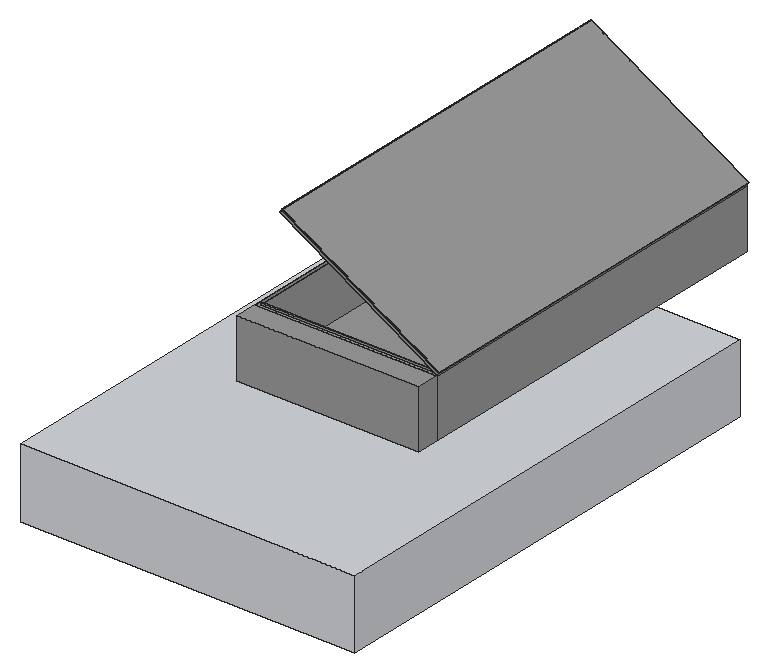
Revit family "Hager-Univers-IP55-D275-H1800-Cl.II-Steel_encl-ES-es", category Equipement électrique, Revit 2020
Family settings
  Hôte = Face
  Configuration du panneau = Deux colonnes, circuits au sein
  Cote de connecteur circulaire = Utiliser le diamètre
  Type d'élément = Tableau de raccordement
  Couper avec des vides une fois chargée = Non
  Partagée = Non
  Point de calcul de pièce = Non
Parameters (values of type "Instalación de suelo IP55 A800 A1800 P275  - FR13S1")
  Width Control [instance] = if([EF000008 - Anchura] > Min Width, [EF000008 - Anchura], Min Width)  # 800 mm
  Commentaires du type = [HG000003 - Gama]  # "Univers"
  Thickness Door [instance] = if([EF009171 - Espesor puerta/tapa] > 3 mm, 3 mm, [EF009171 - Espesor puerta/tapa])  # 1.5 mm
  Seal Frame Offset [instance] = 17 mm  # constant formula
  Plinth Visibility [instance] = [HG000027 - Altura de zócalo] > 0 mm  # yes
  Model = ""
  Min Width [instance] = 100 mm  # constant formula
  Min Height [instance] = 100 mm  # constant formula
  Min Depth [instance] = (2 * [EF009170 - Espesor del material de la caja]) + 1 mm  # 4 mm
  Internal Frame Depth [instance] = (Door System Depth * 0.5)  # 9 mm
  Height Control [instance] = if([EF000040 - Altura] > Min Height, [EF000040 - Altura], Min Height)  # 1800 mm
  HG000027 - Altura de zócalo = 100 mm
  HG000026 - Instalación en suelo = yes
  HG000024 - Altura de la sección inferior = 800 mm
  HG000023 - Caja de doble sección = no
  HG000016 - Visibilidad de la puerta 3D [instance] = yes
  HG000015 - Visibilidad a través de la puerta [instance] = no
  HG000014 - Puerta a la derecha [instance] = yes
  HG000013 - Puerta a la izquierda [instance] = not([HG000014 - Puerta a la derecha])  # no
  HG000012 - Ángulo de giro de la puerta [instance] = 30.00°
  HG000010 - Puertas asimétricas = no
  HG000009 - Puerta batiente doble = no
  HG000006 - Empotrado = no
  HG000004 - Referencia del fabricante = "FR13S1"
  HG000003 - Gama = "Univers"
  HG000002 - Con puerta o tapa = yes
  Frame Offset Bottom [instance] = 10 mm  # constant formula
  Frame Offset [instance] = 15 mm  # constant formula
  EF015940 - Tapa con alivio de sobrepresión = no
  EF011959 - Grado de protección (NEMA) = ""
  EF009554 - Número de aberturas para placas-brida = 6
  Fabricant = "Hager"  # constant formula
  EF009212 - Versión de la cubierta = "EV000116 - Cerrado"
  EF009171 - Espesor puerta/tapa = 1.5 mm
  EF009170 - Espesor del material de la caja = 1.5 mm
  EF008873 - Corriente nominal (In) = 800 A
  EF007800 - Adecuado para la protección contra rayos = no
  EF006306 - Con cierre = no
  EF006244 - Tapa/puerta transparente = no
  EF005474 - Grado de protección (IP) = "EV006420 - IP55"
  EF004464 - Tipo de puerta = "EV002646 - Único"
  EF004427 - Número de módulos = 396
  EF004293 - Resistencia al impacto (IK) = "EV008784 - IK10"
  EF003532 - Adecuado para uso en exteriores = no
  EF002950 - Anchura de unidades de división = 24
  EF001613 - Integridad del circuito = "EV000494 - Ninguno"
  EF001596 - Material de la carcasa = "EV000179 - Acero"
  EF001131 - Profundidad interna = 275 mm
  EF001088 - Posibilidad de extensión = yes
  EF000437 - Número de entradas de conductos de cables = 6
  EF000339 - Tipo de cubierta = "EV004216 - Puerta"
  EF000266 - Número de filas = 11
  EF000218 - Profundidad de instalación = 0 mm
  EF000118 - Con placa de montaje = no
  EF000116 - Número RAL = "7035"
  EF000049 - Profundidad = 275 mm
  EF000040 - Altura = 1800 mm
  EF000008 - Anchura = 800 mm
  EF000007 - Color = "EV000270 - Gris"
  EF000003 - Tipo de montaje = "EV012274 - Instalación de suelo"
  Door System Leaf Tolerance [instance] = 1.5 mm  # constant formula
  Door System Depth [instance] = 18 mm  # constant formula
  Door Height [instance] = Height Control - [HG000027 - Altura de zócalo]  # 1700 mm
  Depth Control [instance] = if([EF000049 - Profundidad] > Min Depth, [EF000049 - Profundidad], Min Depth)  # 275 mm
  Default Elevation = 0 mm
  Connector Offset [instance] = Height Control / 2  # 900 mm
  Bottom Top Plate Trim [instance] = 1.5 mm  # constant formula
  Plinth height Ctrl [instance] = if([HG000027 - Altura de zócalo] > 0 mm, [HG000027 - Altura de zócalo], 12 mm)  # 100 mm
Types (5, lengths in mm): name | Width Control | HG000010 - Puertas asimétricas | HG000009 - Puerta batiente doble | HG000004 - Referencia del fabricante | EF009554 - Número de aberturas para placas-brida | EF004464 - Tipo de puerta | EF004427 - Número de módulos | EF000437 - Número de entradas de conductos de cables | EF000008 - Anchura
  Instalación de suelo IP55 A1050 A1800 P275  - FR14S1 | 1050 | yes | yes | "FR14S1" | 8 | "EV003602 - Doble" | 528 | 8 | 1050
  Instalación de suelo IP55 A1300 A1800 P275  - FR15S1 | 1300 | yes | yes | "FR15S1" | 10 | "EV003602 - Doble" | 660 | 10 | 1300
  Instalación de suelo IP55 A300 A1800 P275  - FR11S1 | 300 | no | no | "FR11S1" | 2 | "EV002646 - Único" | 132 | 2 | 300
  Instalación de suelo IP55 A550 A1800 P275  - FR12S1 | 550 | no | no | "FR12S1" | 4 | "EV002646 - Único" | 264 | 4 | 550
  Instalación de suelo IP55 A800 A1800 P275  - FR13S1 | 800 | no | no | "FR13S1" | 6 | "EV002646 - Único" | 396 | 6 | 800
Reference planes
  plane 1 "Center (Front/Back)": y = 0
  plane 2: z = 0
  plane 3 "Center (Left/Right)": x = 0
  plane 4: z = 275
  plane 5: y = 101.5
  plane 6: y = 950
  plane 7: y = 100
  plane 8: y = 1800
  plane 9: z = 0
  plane 10: x = -385
  plane 11: x = 385
  plane 12: x = 383.5
  plane 13: x = -383.5
  plane 14: y = 1798.5
  plane 15: x = -383
  plane 16: x = -400
  plane 17: x = 383
  plane 18: x = 400
  plane 19: x = 398.5
  plane 20: x = -398.5
  plane 21: y = 111.5
  plane 22: y = 1800
  plane 23: y = 1783.5
  plane 24: z = 257
  plane 25: z = 1.5
  plane 26: z = 255.5
  plane 27: z = 273.5
Forms (mm)
  Extrusion 1, solid
    sketch origin (0, 0, 0) x (1, 0, 0) y (0, 1, 0)
      loop
        line (-702.964, 1305) -> (-702.964, -811.445) -> (766.763, -811.445) -> (766.763, 1305) -> (-702.964, 1305)
    from 0 to -304.8
  Extrusion 2, solid, material "Hager_Steel_RAL7035_Light_Grey", visible <- "Plinth Visibility", detail levels medium+fine
    sketch origin (0, 0, 0) x (1, 0, 0) y (0, 1, 0)
      loop
        line (-400, 0) -> (400, 0) -> (400, 100) -> (-400, 100) -> (-400, 0)
    from 0 to 257
  Extrusion 3, solid, material "Hager_Steel_RAL7035_Light_Grey", detail levels medium+fine
    sketch origin (0, 0, 0) x (1, 0, 0) y (0, 1, 0)
      loop
        line (-400, 100) -> (400, 100) -> (400, 1800) -> (-400, 1800) -> (-400, 100)
    from 0 to 257
  Extrusion 4, void
    sketch origin (0, 0, 0) x (1, 0, 0) y (0, 1, 0)
      loop
        line (-398.5, 101.5) -> (398.5, 101.5) -> (398.5, 1798.5) -> (-398.5, 1798.5) -> (-398.5, 101.5)
    from 1.5 to 255.5
  Extrusion 5, void
    sketch origin (-381.607, -4572, 257) x (0, -1, 0) y (-1, 0, 0)
      loop
        line (-4683.5, 1.893) -> (-6355.5, 1.893) -> (-6355.5, -765.107) -> (-4683.5, -765.107) -> (-4683.5, 1.893)
    from 0 to 1.5 <- "EF009170 - Espesor del material de la caja"
  Extrusion 6, solid, material "Hager_Steel_RAL7035_Light_Grey", detail levels fine
    sketch origin (0, 0, 257) x (1, 0, 0) y (0, 1, 0)
      loop
        line (-383.5, 1783.5) -> (-383.5, 111.5) -> (383.5, 111.5) -> (383.5, 1783.5) -> (-383.5, 1783.5)
      loop
        line (-385, 110) -> (385, 110) -> (385, 1785) -> (-385, 1785) -> (-385, 110)
    from 0 to 9 <- "Internal Frame Depth"
  Extrusion 7, solid, material "Hager_Steel_RAL7035_Light_Grey", detail levels coarse
    sketch origin (0, 0, 0) x (1, 0, 0) y (0, 1, 0)
      loop
        line (-400, 0) -> (400, 0) -> (400, 1800) -> (-400, 1800) -> (-400, 0)
    from 0 to 275
  Sweep 8, void
    path in 3D
      loop
        line (-400, 100, 0) -> (400, 100, 0) -> (400, 100, 257) -> (-400, 100, 257) -> (-400, 100, 0)
    profile origin (-400, 100, 128.5) x (-1, 0, 0) y (0, -1, 0)
      loop
        line (0, 0) -> (0, 1.5) -> (-1.5, 1.5)
        arc (-1.5, 1.5) -> (-1.061, 0.439) -> (0, 0) r 1.5
Cuts and joins
  Extrusion 4, Extrusion 5 cuts Extrusion 3
  Sweep 8 cuts Extrusion 2
Lines and regions (mm)
  Masking region 1
    outline origin (0, 0, 0) x (1, 0, 0) y (0, 0, 1)
      loop
        line (-400, 275) -> (-400, 0) -> (400, 0) -> (400, 275) -> (-400, 275)
  Masking region 2, detail levels medium+fine
    outline origin (0, 140, 0) x (0, 1, 0) y (0, 0, 1)
      loop
        line (-40, 0) -> (1660, 0) -> (1660, 257) -> (-40, 257) -> (-40, 0)
  Masking region 3, not visible, detail levels medium+fine
    outline origin (0, 297.922, 0) x (0, 1, 0) y (0, 0, 1)
      loop
        line (663.578, 0) -> (703.578, 0) -> (703.578, 263.5)
        arc (703.578, 263.5) -> (700.649, 270.571) -> (693.578, 273.5) r 10
        line (693.578, 273.5) -> (663.578, 273.5) -> (663.578, 0)
  Masking region 4, detail levels coarse
    outline origin (0, 0, 180) x (0, 1, 0) y (0, 0, 1)
      loop
        line (0, -180) -> (1800, -180) -> (1800, 95) -> (0, 95) -> (0, -180)
  Masking region 5, visible <- "Plinth Visibility", detail levels medium+fine
    outline origin (0, 52.24, 12.345) x (0, 0, -1) y (0, 1, 0)
      loop
        line (10.845, 47.76) -> (-243.155, 47.76)
        arc (-243.155, 47.76) -> (-243.594, 46.699) -> (-244.655, 46.26) r 1.5
        line (-244.655, 46.26) -> (-244.655, -52.24) -> (12.345, -52.24) -> (12.345, 46.26)
        arc (12.345, 46.26) -> (11.285, 46.699) -> (10.845, 47.76) r 1.5
  Masking region 6, detail levels medium+fine
    outline origin (-381.607, -4572, 257) x (-1, 0, 0) y (0, -1, 0)
      loop
        line (18.393, -6372) -> (18.393, -4672) -> (-781.607, -4672) -> (-781.607, -6372) -> (18.393, -6372)
  Masking region 7, visible <- "Plinth Visibility", detail levels medium+fine
    outline origin (-381.607, -4727, 257) x (-1, 0, 0) y (0, -1, 0)
      loop
        arc (16.893, -4827) -> (17.332, -4825.939) -> (18.393, -4825.5) r 1.5
        line (18.393, -4825.5) -> (18.393, -4727) -> (-781.607, -4727) -> (-781.607, -4825.5)
        arc (-781.607, -4825.5) -> (-780.546, -4825.939) -> (-780.107, -4827) r 1.5
        line (-780.107, -4827) -> (16.893, -4827)
  Masking region 8, detail levels coarse
    outline origin (-442.548, -4669.526, 257) x (-1, 0, 0) y (0, -1, 0)
      loop
        line (-42.548, -6469.526) -> (-42.548, -4669.526) -> (-842.548, -4669.526) -> (-842.548, -6469.526) -> (-42.548, -6469.526)
  sketch lines
    curve 1: line (-400, 100, 257) -> (-400, 100, 0)
    curve 2: line (400, 100, 257) -> (-400, 100, 257)
    curve 3: line (400, 100, 257) -> (400, 100, 0)
    curve 4: line (-400, 100, 0) -> (400, 100, 0)
Dimensions and locks
  "Depth Control": plane 4 to Extrusion 1
  "HG000027 - Altura de zócalo": plane 1 "Center (Front/Back)" to plane 7
  "EF009170 - Espesor del material de la caja": plane 5 to plane 7
  locked: connector elem to plane 3 "Center (Left/Right)"
  equal spacing: plane 8, plane 6, plane 7
  locked: connector elem to plane 6
  "EF009170 - Espesor del material de la caja": plane 8 to plane 14
  "EF009170 - Espesor del material de la caja": plane 10 to plane 13
  "EF009170 - Espesor del material de la caja": plane 12 to plane 11
  "Frame Offset": plane 20 to plane 13
  "Frame Offset": plane 12 to plane 19
  "EF009170 - Espesor del material de la caja": plane 16 to plane 20
  "EF009170 - Espesor del material de la caja": plane 19 to plane 18
  "Seal Frame Offset": plane 16 to plane 15
  "Seal Frame Offset": plane 17 to plane 18
  "Frame Offset Bottom": plane 21 to plane 5
  "Frame Offset": plane 14 to plane 23
  equal spacing: plane 16, plane 3 "Center (Left/Right)", plane 18
  "Width Control": plane 16 to plane 18
  "EF009170 - Espesor del material de la caja": plane 4 to plane 27
  "EF009170 - Espesor del material de la caja": plane 24 to plane 26
  "EF009170 - Espesor del material de la caja": plane 25 to level
  "Door System Depth": plane 4 to plane 24
  "Height Control": plane 1 "Center (Front/Back)" to Extrusion 7 sketch curve
  "Height Control": Masking region 4 sketch curve to plane 1 "Center (Front/Back)"
  "Height Control": plane 1 "Center (Front/Back)" to plane 22
  "Bottom Top Plate Trim": profile plane to Sweep 8 sketch curve
  "Bottom Top Plate Trim": Sweep 8 sketch curve to profile plane
  "Plinth height Ctrl": plane 1 "Center (Front/Back)" to Extrusion 2 sketch curve
  "Plinth height Ctrl": Masking region 5 sketch curve to plane 1 "Center (Front/Back)"
  "Plinth height Ctrl": plane 1 "Center (Front/Back)" to Masking region 7 sketch curve
  "Thickness Door": Extrusion 6 sketch curve to Extrusion 6 sketch curve  (x3)
  "Thickness Door": cut or joined group of Extrusion 3, Extrusion 4, Extrusion 5 to Extrusion 6 sketch curve
  radius of Masking region 3 sketch curve = 10 mm
  "Bottom Top Plate Trim": radius of Masking region 5 sketch curve  (x2)
  "Bottom Top Plate Trim": radius of Sweep 8 sketch curve
  "Bottom Top Plate Trim": radius of Masking region 7 sketch curve  (x2)
  aligned and locked: plane 2 to Extrusion 1
  aligned and locked: level to Extrusion 1
  aligned and locked: level to Masking region 1 sketch curve
  aligned and locked: Masking region 1 sketch curve to plane 18
  aligned and locked: Masking region 1 sketch curve to plane 16
  aligned and locked: plane 7 to Masking region 2 sketch curve
  aligned and locked: level to Masking region 3 sketch curve
  aligned and locked: Masking region 3 sketch curve to plane 27
  aligned and locked: level to Masking region 2 sketch curve
  aligned and locked: plane 1 "Center (Front/Back)" to Extrusion 2 sketch curve
  aligned and locked: Extrusion 3 sketch curve to plane 7
  aligned and locked: plane 16 to Extrusion 3 sketch curve
  aligned and locked: plane 18 to Extrusion 3 sketch curve
  aligned and locked: plane 20 to Extrusion 4 sketch curve
  aligned and locked: plane 19 to Extrusion 4 sketch curve
  aligned and locked: Extrusion 4 sketch curve to plane 5
  aligned and locked: Extrusion 4 to plane 25
  aligned and locked: plane 26 to Extrusion 4
  aligned and locked: plane 24 to Extrusion 3
  aligned and locked: Extrusion 5 sketch curve to plane 21
  aligned and locked: Extrusion 5 sketch curve to plane 13
  aligned and locked: Extrusion 5 sketch curve to plane 12
  aligned and locked: plane 18 to Extrusion 7 sketch curve
  aligned and locked: plane 1 "Center (Front/Back)" to Extrusion 7 sketch curve
  aligned and locked: plane 16 to Extrusion 7 sketch curve
  aligned and locked: plane 4 to Extrusion 7
  aligned and locked: Extrusion 7 to level
  aligned and locked: level to Masking region 4 sketch curve
  aligned and locked: Masking region 4 sketch curve to plane 1 "Center (Front/Back)"
  aligned and locked: Masking region 4 sketch curve to plane 4
  aligned and locked: nested 1 to level
  aligned and locked: nested 1 to plane 16
  aligned and locked: plane 8 to Extrusion 3 sketch curve
  aligned and locked: plane 23 to Extrusion 5 sketch curve
  aligned and locked: plane 14 to Extrusion 4 sketch curve
  aligned and locked: Masking region 2 sketch curve to plane 8
  aligned and locked: level to Masking region 5 sketch curve
  aligned and locked: plane 16 to Extrusion 2 sketch curve
  aligned and locked: plane 18 to Extrusion 2 sketch curve
  aligned and locked: Masking region 5 sketch curve to plane 24
  aligned and locked: Masking region 2 sketch curve to plane 24
  aligned and locked: plane 24 to Extrusion 2
  aligned and locked: profile plane to Sweep 8 sketch curve  (x2)
  aligned and locked: Masking region 6 sketch curve to plane 18
  aligned and locked: Masking region 6 sketch curve to plane 22
  aligned and locked: Masking region 6 sketch curve to plane 16
  aligned and locked: plane 8 to plane 22
  aligned and locked: Masking region 6 sketch curve to plane 7
  aligned and locked: Masking region 7 sketch curve to plane 16
  aligned and locked: Masking region 7 sketch curve to plane 1 "Center (Front/Back)"
  aligned and locked: Masking region 7 sketch curve to plane 18
  aligned and locked: Masking region 8 sketch curve to plane 1 "Center (Front/Back)"
  aligned and locked: Masking region 8 sketch curve to plane 18
  aligned and locked: Masking region 8 sketch curve to plane 22
  aligned and locked: Masking region 8 sketch curve to plane 16
  aligned and locked: nested 2 to plane 7
  aligned and locked: plane 3 "Center (Left/Right)" to nested 2
  aligned and locked: nested 2 to plane 24
  aligned and locked: Extrusion 6 sketch curve to cut or joined group of Extrusion 3, Extrusion 4, Extrusion 5  (x4)
Automatic sketch dimensions
  Extrusion 1 sketch curve to Extrusion 1 sketch curve = 1469.727 mm
  Extrusion 1 sketch curve to Extrusion 1 sketch curve = 2116.445 mm
  Masking region 1 sketch curve to plane 4 = 0 mm
  plane 6 to Masking region 3 sketch curve = 11.5 mm
  Masking region 3 sketch curve to Masking region 3 sketch curve = 30 mm
  Masking region 5 sketch curve to plane 1 "Center (Front/Back)" = 0 mm
Nested families
  nested 1: "Hager_Enclosure_Symbol" at (-400, 0, 0) x (1, 0, 0) z (0, -1, 0), Height <- "Depth Control", Width <- "Width Control", type "Hager_Enclosure_Symbol"
    with Width_Ctrl 800 mm, Width 800 mm, Height_Ctrl 275 mm, Height 275 mm, A_Width_Int 18.047 mm, A_Width 216.562 mm, A_Height_Ctrl 240.625 mm, A_Height 240.625 mm
  nested 2: "EC000058_Univers_Door" at (0, 100, 257) x (1, 0, 0) z (0, 1, 0), Leaf_Tolerance <- "Door System Leaf Tolerance", Angle <- "HG000012 - Ángulo de giro de la puerta", Door_Depth <- "Door System Depth", Door_Left <- "HG000013 - Puerta a la izquierda", Transparent <- "EF006244 - Tapa/puerta transparente", Assymetrical <- "HG000010 - Puertas asimétricas", Width <- "Width Control", Clearance <- "HG000015 - Visibilidad a través de la puerta", Double <- "HG000009 - Puerta batiente doble", 3d_Door <- "HG000016 - Visibilidad de la puerta 3D", Lock_Visibility <- "EF006306 - Con cierre", Width_Ctrl <- "Width Control", Door_Right <- "HG000014 - Puerta a la derecha", Door <- "HG000002 - Con puerta o tapa", Height <- "Door Height", Thickness <- "Thickness Door", type "EC000058_Univers_Door", detail levels medium+fine
    with min_wh 4 mm, Width_Ctrl 800 mm, Width 800 mm, Transparent no, Thickness 1.5 mm, Seal_Material Hager_Rubber, Lock_Visibility no, Lock_Material Hager_Plastic_RAL9005_Jet_Black, Leaf_Width 800 mm, Leaf_Tolerance_External_Sides 0 mm, Leaf_Tolerance 1.5 mm, Leaf_Offset 0 mm, Leaf_Height 1697 mm, Leaf_2_Width 800 mm, Leaf_2_Offset 400 mm, Leaf_1_Width 800 mm, Leaf_1_Offset 400 mm, Height_Ctrl 1700 mm, Height 1700 mm, Glass_Material Hager_Glass, Double_Clearance_Ctrl no, Double no, Door_Right_Ctrl yes, Door_Right yes, Door_Material Hager_Steel_RAL7035_Light_Grey, Door_Left_Ctrl no, Door_Left no, Door_Depth 18 mm, Door yes, Clearance_Material Hager_Clearance, Clearance_Depth 800 mm, Clearance_Ctrl no, Clearance no, Assymetrical no, Angle 30.00°, 3d_Door yes
Connectors
  electrical at (0, 950, 0)
    settings: on plane 9, index 1, voltage 0 V, apparent load 0 VA, apparent load phase1 0 VA, apparent load phase2 0 VA, apparent load phase3 0 VA, power factor 1, load classification "Other", number of poles 1, system type 30, power factor state 1, is connector primary yes, connector utility no, sub classification motor no, connector description ""
Definition of nested family "EC000058_Univers_Door"
  Parameters (values of type "EC000058_Univers_Door")
    min_wh [instance] = (2 * Thickness) + 1 mm  # 11 mm
    Width_Ctrl [instance] = 400 mm
    Width [instance] = 500 mm
    Transparent [instance] = yes
    Thickness [instance] = 5 mm
    Seal_Material [instance] = none
    Lock_Visibility [instance] = yes
    Lock_Material [instance] = none
    Leaf_Width [instance] = if((Width_Ctrl - 2 * Leaf_Tolerance_External_Sides) > 0 mm, (Width_Ctrl - 2 * Leaf_Tolerance_External_Sides), min_wh)  # 400 mm
    Leaf_Tolerance_External_Sides [instance] = 0 mm  # constant formula
    Leaf_Tolerance [instance] = 1.5 mm
    Leaf_Offset [instance] = 0 mm  # constant formula
    Leaf_Height [instance] = if((Height_Ctrl - 2 * Leaf_Tolerance) > 0 mm, (Height_Ctrl - 2 * Leaf_Tolerance), min_wh)  # 497 mm
    Leaf_2_Width [instance] = if(and(and(Double, Assymetrical), Door_Left), (Leaf_Width / 3) - (Leaf_Tolerance / 2), if(and(and(Double, Assymetrical), Door_Right), (Leaf_Width / 3) * 2 - (Leaf_Tolerance / 2), if(and(Double, not(Assymetrical)), (Leaf_Width / 2) - Leaf_Tolerance, Leaf_Width)))  # 400 mm
    Leaf_2_Offset [instance] = if(and(Double, Assymetrical), Leaf_2_Width / 2, if(and(Double, not(Assymetrical)), Leaf_Width / 4, Leaf_Width / 2))  # 200 mm
    Leaf_1_Width [instance] = if(and(and(Double, Assymetrical), Door_Right), (Leaf_Width / 3) - (Leaf_Tolerance / 2), if(and(and(Double, Assymetrical), Door_Left), (Width / 3) * 2 - (Leaf_Tolerance / 2), if(and(Double, not(Assymetrical)), (Leaf_Width / 2) - Leaf_Tolerance, Leaf_Width)))  # 400 mm
    Leaf_1_Offset [instance] = if(and(Double, Assymetrical), Leaf_1_Width / 2, if(and(Double, not(Assymetrical)), Leaf_Width / 4, Leaf_Width / 2))  # 200 mm
    Height_Ctrl [instance] = if(Height > min_wh, Height, min_wh)  # 500 mm
    Height [instance] = 500 mm
    Glass_Material [instance] = none
    Double_Clearance_Ctrl [instance] = and(Double, Clearance)  # no
    Double [instance] = no
    Door_Right_Ctrl [instance] = and(or(Door_Right, Double), Door)  # yes
    Door_Right [instance] = yes
    Door_Material [instance] = none
    Door_Left_Ctrl [instance] = and(or(Door_Left, Double), Door)  # no
    Door_Left [instance] = no
    Door_Depth [instance] = 30 mm
    Door [instance] = yes
    Default Elevation = 1219.2 mm
    Clearance_Material [instance] = none
    Clearance_Depth [instance] = if(Leaf_1_Width > Leaf_2_Width, Leaf_1_Width, Leaf_2_Width)  # 400 mm
    Clearance_Ctrl [instance] = and(not(Double), Clearance)  # yes
    Clearance [instance] = yes
    Assymetrical [instance] = yes
    Angle [instance] = 30.00°
    3d_Door [instance] = yes
  Reference planes
    plane 1 "Center (Front/Back)": y = 0
    plane 2 "Bottom": z = 0
    plane 3 "Center (Left/Right)": x = 0
    plane 4: z = 500
    plane 5: x = -200
    plane 6: x = 200
    plane 7: z = 500
    plane 8: x = -200
    plane 9: z = 0
    plane 10: x = 200
    plane 11: y = 0
    plane 12: z = 1.5
    plane 13: x = -600
    plane 14: y = -400
    plane 15: x = 600
    plane 16: x = 0
    plane 17: x = 0
    plane 18: x = -200
    plane 19: x = 200
    plane 20: z = 498.5
  Forms (mm)
    Extrusion 1, solid, material <- "Clearance_Material", visible <- "Double_Clearance_Ctrl"
      sketch origin (1200, 0, 0) x (1, 0, 0) y (0, 0, -1)
        loop
          line (-1800, -498.5) -> (-600, -498.5) -> (-600, 0) -> (-1800, 0) -> (-1800, -498.5)
      from 0 to -400
  Dimensions and locks
    equal spacing: plane 5, plane 3 "Center (Left/Right)", plane 6
    "Width_Ctrl": plane 5 to plane 6
    "Leaf_Offset": plane 5 to plane 8
    "Leaf_Offset": plane 6 to plane 10
    "Leaf_Offset": plane 9 to level
    "Leaf_Offset": plane 4 to plane 7
    "Height_Ctrl": plane 4 to level
    "Leaf_Tolerance": plane 12 to plane 9
    locked: plane 11 to plane 1 "Center (Front/Back)"
    "Leaf_1_Offset": plane 18 to plane 16
    "Leaf_2_Offset": plane 17 to plane 19
    "Leaf_1_Width": plane 13 to plane 8
    "Leaf_2_Width": plane 10 to plane 15
    "Clearance_Depth": plane 14 to plane 1 "Center (Front/Back)"
    "Leaf_Tolerance_External_Sides": plane 8 to plane 18
    "Leaf_Tolerance_External_Sides": plane 19 to plane 10
    "Leaf_Tolerance": plane 7 to plane 20
    aligned and locked: level to plane 2 "Bottom"
    aligned and locked: nested 1 to plane 16
    aligned and locked: nested 2 to plane 17
    aligned and locked: Extrusion 1 to plane 13
    aligned and locked: plane 15 to Extrusion 1
    aligned and locked: Extrusion 1 to plane 14
    aligned and locked: plane 12 to nested 1
    aligned and locked: nested 2 to plane 12
    aligned and locked: Extrusion 1 to plane 11
    aligned and locked: plane 20 to Extrusion 1
    aligned and locked: nested 2 to plane 11
    aligned and locked: nested 1 to plane 11
  Automatic sketch dimensions
    Extrusion 1 sketch curve to level = 0 mm
    plane 5 to Extrusion 1 sketch curve = 400 mm
    plane 6 to Extrusion 1 sketch curve = 400 mm
    Extrusion 1 sketch curve to plane 4 = 1.5 mm
  Nested families
    nested 1: "EC000058_Univers_Door_Leaf" at (0, 0, 1.5), Width <- "Leaf_1_Width", visible <- "Door_Left_Ctrl", Leaf_Height <- "Leaf_Height", Angle <- "Angle", 3d_Door <- "3d_Door", Transparent <- "Transparent", Clearance Material <- "Clearance_Material", Clearance <- "Clearance_Ctrl", Door_Material <- "Door_Material", Glass_Material <- "Glass_Material", Door_Depth <- "Door_Depth", Lock_Material <- "Lock_Material", Seal_Material <- "Seal_Material", Lock_Visibility <- "Lock_Visibility", Thickness <- "Thickness", type "EC000058_Univers_Door_Leaf"
      with Width 400 mm, Transparent_Glass_Offset 30 mm, Transparent_Ctrl yes, Transparent yes, Thickness 5 mm, Standard no, Seal_Material none, Seal_D2 8 mm, Seal_D1 1 mm, Offset_Internal_Frame 10 mm, Lock_Width 20 mm, Lock_Visibility_3d yes, Lock_Visibility yes, Lock_Thickness_3 3 mm, Lock_Thickness_2 1 mm, Lock_Thickness_1 3 mm, Lock_Radius_Offset_2 16 mm, Lock_Radius_Offset_1 15 mm, Lock_Radius_2 5 mm, Lock_Radius 6 mm, Lock_Offset 5 mm, Lock_Material none, Lock_Height 80 mm, Lock_Cover_Top_Offset_2d 17 mm, Lock_Cover_Height -65 mm, Leaf_Height 497 mm, Internal_Seal_Thickness 8 mm, Internal_Seal_Depth_2 4.5 mm, Internal_Frame_Depth 25 mm, Glass_Thickness -1 mm, Glass_Offset -2 mm, Glass_Material none, Door_Material none, Door_Depth 30 mm, Clearance Material none, Clearance yes, Angle_Ctrl 30.00°, Angle 30.00°, 3d_Door yes
    nested 2: "EC000058_Univers_Door_Leaf" at (0, 0, 1.5) x (-1, 0, 0) z (0, 0, 1), Width <- "Leaf_2_Width", visible <- "Door_Right_Ctrl", Leaf_Height <- "Leaf_Height", Angle <- "Angle", 3d_Door <- "3d_Door", Transparent <- "Transparent", Clearance Material <- "Clearance_Material", Clearance <- "Clearance_Ctrl", Door_Material <- "Door_Material", Glass_Material <- "Glass_Material", Door_Depth <- "Door_Depth", Lock_Material <- "Lock_Material", Seal_Material <- "Seal_Material", Lock_Visibility <- "Lock_Visibility", Thickness <- "Thickness", type "EC000058_Univers_Door_Leaf"
      with Width 400 mm, Transparent_Glass_Offset 30 mm, Transparent_Ctrl yes, Transparent yes, Thickness 5 mm, Standard no, Seal_Material none, Seal_D2 8 mm, Seal_D1 1 mm, Offset_Internal_Frame 10 mm, Lock_Width 20 mm, Lock_Visibility_3d yes, Lock_Visibility yes, Lock_Thickness_3 3 mm, Lock_Thickness_2 1 mm, Lock_Thickness_1 3 mm, Lock_Radius_Offset_2 16 mm, Lock_Radius_Offset_1 15 mm, Lock_Radius_2 5 mm, Lock_Radius 6 mm, Lock_Offset 5 mm, Lock_Material none, Lock_Height 80 mm, Lock_Cover_Top_Offset_2d 17 mm, Lock_Cover_Height -65 mm, Leaf_Height 497 mm, Internal_Seal_Thickness 8 mm, Internal_Seal_Depth_2 4.5 mm, Internal_Frame_Depth 25 mm, Glass_Thickness -1 mm, Glass_Offset -2 mm, Glass_Material none, Door_Material none, Door_Depth 30 mm, Clearance Material none, Clearance yes, Angle_Ctrl 30.00°, Angle 30.00°, 3d_Door yes
  Definition of nested family "EC000058_Univers_Door_Leaf"
    Parameters (values of type "EC000058_Univers_Door_Leaf")
      Width [instance] = 2000 mm
      Transparent_Glass_Offset [instance] = 30 mm
      Transparent_Ctrl [instance] = and(Transparent, [3d_Door])  # yes
      Transparent [instance] = yes
      Thickness [instance] = 5 mm
      Standard [instance] = and(not(Transparent), [3d_Door])  # no
      Seal_Material [instance] = none
      Seal_D2 [instance] = 8 mm  # constant formula
      Seal_D1 [instance] = 1 mm  # constant formula
      Offset_Internal_Frame [instance] = 10 mm  # constant formula
      Lock_Width [instance] = 20 mm  # constant formula
      Lock_Visibility_3d [instance] = and(Lock_Visibility, [3d_Door])  # yes
      Lock_Visibility [instance] = yes
      Lock_Thickness_3 [instance] = 3 mm  # constant formula
      Lock_Thickness_2 [instance] = 1 mm  # constant formula
      Lock_Thickness_1 [instance] = 3 mm  # constant formula
      Lock_Radius_Offset_2 [instance] = Lock_Radius_Offset_1 + 1 mm  # 16 mm
      Lock_Radius_Offset_1 [instance] = 15 mm  # constant formula
      Lock_Radius_2 [instance] = Lock_Radius - 1 mm  # 5 mm
      Lock_Radius [instance] = 6 mm  # constant formula
      Lock_Offset [instance] = 5 mm  # constant formula
      Lock_Material [instance] = none
      Lock_Height [instance] = 80 mm  # constant formula
      Lock_Cover_Top_Offset_2d [instance] = Lock_Radius_Offset_2 + 1 mm  # 17 mm
      Lock_Cover_Height [instance] = -(Lock_Height - Lock_Radius_Offset_1)  # -65 mm
      Leaf_Height [instance] = 2720.336 mm
      Internal_Seal_Thickness [instance] = 8 mm  # constant formula
      Internal_Seal_Depth_2 [instance] = 4.5 mm  # constant formula
      Internal_Frame_Depth [instance] = if(Door_Depth - Thickness > 5 mm, Door_Depth - Thickness, 5 mm)  # 25 mm
      Glass_Thickness [instance] = if(Thickness > 15 mm, Glass_Offset + 10 mm, -1 mm)  # -1 mm
      Glass_Offset [instance] = if(Thickness > 15 mm, -(Thickness + 10 mm) / 2, -2 mm)  # -2 mm
      Glass_Material [instance] = none
      Door_Material [instance] = none
      Door_Depth [instance] = 30 mm
      Default Elevation = 0 mm
      Clearance Material [instance] = none
      Clearance [instance] = yes
      Angle_Ctrl [instance] = if(Angle > 180.00°, 180.00°, Angle)  # 90.00°
      Angle [instance] = 90.00°
      3d_Door [instance] = yes
    Reference planes
      plane 1 "Center (Front/Back)": y = 0
      plane 2: z = 0
      plane 3 "Center (Left/Right)": x = 0
      plane 4: y = 2000
      plane 5: x = -1000
      plane 6: x = 1000
      plane 7: x = -3000
      plane 8: z = 2720.336
      plane 9: z = 30
      plane 10: z = 2690.336
      plane 11: x = 970
      plane 12: x = -970
      plane 13: y = -3
      plane 14: z = 107.833
      plane 15: y = -5
      plane 16: y = -223.314
      plane 17: x = -1000
      plane 18: z = 1360.168
      plane 19: y = 30
    Forms (mm)
      Extrusion 1, solid, material <- "Clearance Material", visible <- "Clearance"
        sketch origin (0, 0, 0) x (1, 0, 0) y (0, 0, 1)
          loop
            line (-3000, 2720.336) -> (-3000, 0) -> (1000, 0) -> (1000, 2720.336) -> (-3000, 2720.336)
        from 0 to -2000
      Extrusion 2, solid, material <- "Door_Material", visible <- "Standard", detail levels medium+fine
        sketch origin (-1000, 0, 0) x (0, 1, 0) y (-1, 0, 0)
          loop
            line (0, 30) -> (0, 25) -> (2000, 25) -> (2000, 30) -> (0, 30)
        from 0 to 2720.336 <- "Leaf_Height"
      Extrusion 3, solid, material <- "Door_Material", visible <- "Transparent_Ctrl", detail levels medium+fine
        sketch origin (-1000, 0, 0) x (0, 1, 0) y (-1, 0, 0)
          loop
            line (0, 25) -> (2000, 25) -> (2000, 30) -> (0, 30) -> (0, 25)
        from 0 to 2720.336 <- "Leaf_Height"
      Extrusion 4, void
        sketch origin (-1025, 2000, 0) x (0, 1, 0) y (0, 0, -1)
          loop
            line (-30, -2690.336) -> (-30, -30) -> (-1970, -30) -> (-1970, -2690.336) -> (-30, -2690.336)
        from 0 to 5 <- "Thickness"
      Sweep 5, solid, material <- "Seal_Material", visible <- "Transparent_Ctrl", detail levels fine
        path in 3D
          loop
            line (-1025, 30, 30) -> (-1025, 30, 2690.336) -> (-1025, 1970, 2690.336) -> (-1025, 1970, 30) -> (-1025, 30, 30)
        profile origin (-1025, 1000, 30) x (1, 0, 0) y (0, 0, 1)
          loop
            line (0, 0) -> (0, -8) -> (1, -8) -> (1, 0) -> (0, 0)
      Extrusion 6, solid, material <- "Glass_Material", visible <- "Transparent_Ctrl", detail levels medium+fine
        sketch origin (-1030, 0, 0) x (0, 1, 0) y (0, 0, -1)
          loop
            line (1970, -2690.336) -> (1970, -30) -> (30, -30) -> (30, -2690.336) -> (1970, -2690.336)
        from -2 <- "Glass_Offset" to -1 <- "Glass_Thickness"
      Extrusion 7, solid, material <- "Door_Material", visible <- "3d_Door", detail levels medium+fine
        sketch origin (-1025, 2000, 0) x (0, -1, 0) y (0, 0, -1)
          loop
            line (0, -2720.336) -> (2000, -2720.336) -> (2000, 0) -> (0, 0) -> (0, -2720.336)
          loop
            line (1995, -5) -> (5, -5) -> (5, -2715.336) -> (1995, -2715.336) -> (1995, -5)
        from 0 to 25 <- "Internal_Frame_Depth"
      Sweep 8, solid, material <- "Seal_Material", visible <- "Transparent_Ctrl", detail levels fine
        path in 3D
          loop
            line (-1025, 0, 0) -> (-1025, 2000, 0) -> (-1025, 2000, 2720.336) -> (-1025, 0, 2720.336) -> (-1025, 0, 0)
        profile origin (-1025, 0, 1360.168) x (1, 0, 0) y (0, 1, 0)
          loop
            line (0, 10) -> (2.975, 10)
            arc (2.975, 10) -> (4.053, 10.447) -> (4.5, 11.525) r 1.525
            line (4.5, 11.525) -> (4.5, 16.527)
            arc (4.5, 16.527) -> (4.069, 17.569) -> (3.027, 18) r 1.473
            line (3.027, 18) -> (0, 18) -> (0, 10)
      Extrusion 9, solid, material <- "Lock_Material", visible <- "Lock_Visibility_3d", detail levels fine
        sketch origin (-1030, 0, 0) x (0, 1, 0) y (0, 0, -1)
          loop
            arc (1993.5, -1400.168) -> (1994.561, -1399.729) -> (1995, -1398.668) r 1.5
            line (1995, -1398.668) -> (1995, -1320.168) -> (1975, -1320.168) -> (1975, -1398.668)
            arc (1975, -1398.668) -> (1975.439, -1399.729) -> (1976.5, -1400.168) r 1.5
            line (1976.5, -1400.168) -> (1993.5, -1400.168)
        from 3 <- "Lock_Thickness_1" to 0
      Blend 10, solid, material <- "Lock_Material", visible <- "Lock_Visibility_3d", detail levels fine
        base sketch origin (-1033, 0, 0) x (0, 1, 0) y (0, 0, -1)
          loop
            line (1975, -1320.168) -> (1975, -1398.668)
            arc (1975, -1398.668) -> (1975.439, -1399.729) -> (1976.5, -1400.168) r 1.5
            line (1976.5, -1400.168) -> (1993.5, -1400.168)
            arc (1993.5, -1400.168) -> (1994.561, -1399.729) -> (1995, -1398.668) r 1.5
            line (1995, -1398.668) -> (1995, -1320.168) -> (1975, -1320.168)
        top sketch origin (-1033, 0, 0) x (0, 1, 0) y (0, 0, -1)
          loop
            line (1976, -1320.168) -> (1976, -1398.668)
            arc (1976, -1398.668) -> (1976.146, -1399.022) -> (1976.5, -1399.168) r 0.5
            line (1976.5, -1399.168) -> (1993.5, -1399.168)
            arc (1993.5, -1399.168) -> (1993.854, -1399.022) -> (1994, -1398.668) r 0.5
            line (1994, -1398.668) -> (1994, -1320.168) -> (1976, -1320.168)
        from 0 to 1 <- "Lock_Thickness_2"
      Blend 11, solid, material <- "Lock_Material", visible <- "Lock_Visibility_3d", detail levels fine
        base sketch origin (-1034, 0, 0) x (0, 1, 0) y (0, 0, -1)
          loop
            line (1978, -1320.168) -> (1978, -1384.168)
            arc (1978, -1384.168) -> (1985, -1391.168) -> (1992, -1384.168) r 7
            line (1992, -1384.168) -> (1992, -1320.168) -> (1978, -1320.168)
        top sketch origin (-1034, 0, 0) x (0, 1, 0) y (0, 0, -1)
          loop
            line (1991, -1320.168) -> (1979, -1320.168) -> (1979, -1383.168)
            arc (1979, -1383.168) -> (1985, -1389.168) -> (1991, -1383.168) r 6
            line (1991, -1383.168) -> (1991, -1320.168)
        from 0 to 3 <- "Lock_Thickness_3"
      Extrusion 12, solid, material <- "Lock_Material", visible <- "Lock_Visibility_3d", detail levels fine
        sketch origin (-1030, 1975, 1320.168) x (1, 0, 0) y (0, -1, 0)
          loop
            line (-7, -19) -> (-7, -1) -> (0, -1) -> (0, 0) -> (-8, 0) -> (-8, -20) -> (0, -20) -> (0, -19) -> (-7, -19)
        from 0 to -65 <- "Lock_Cover_Height"
      Extrusion 13, void
        sketch origin (-1038, 1995, 1320.168) x (-1, 0, 0) y (0, 0, -1)
          loop
            line (-5, -65) -> (0, -65) -> (-5, -60) -> (-5, -65)
        from 0 to 20 <- "Lock_Width"
      Extrusion 14, void
        sketch origin (-1038, 1975, 1320.168) x (0, -1, 0) y (0, 0, -1)
          loop
            circle (-10, -15.995) r 6
          loop
            circle (-10, -15.995) r 5
        from 0 to 2
      Extrusion 15, solid, material <- "Lock_Material", visible <- "Lock_Visibility_3d", detail levels medium
        sketch origin (-1030, 0, 0) x (0, 1, 0) y (0, 0, -1)
          loop
            arc (1993.5, -1400.168) -> (1994.561, -1399.729) -> (1995, -1398.668) r 1.5
            line (1995, -1398.668) -> (1995, -1320.168) -> (1975, -1320.168) -> (1975, -1398.668)
            arc (1975, -1398.668) -> (1975.439, -1399.729) -> (1976.5, -1400.168) r 1.5
            line (1976.5, -1400.168) -> (1993.5, -1400.168)
        from 8 to 0
    Cuts and joins
      Extrusion 4 cuts Extrusion 3
      Extrusion 13, Extrusion 14 cuts Extrusion 9
      Extrusion 14 cuts Blend 11
      Extrusion 13, Extrusion 14 cuts Extrusion 12
      joined: Extrusion 9, Blend 10, Blend 11, Extrusion 12
      Extrusion 14 cuts Extrusion 15
    Lines and regions (mm)
      Masking region 1, visible <- "Lock_Visibility", detail levels fine
        outline origin (0, 0, 0) x (0, 1, 0) y (0, 0, 1)
          loop
            line (30, 1320.168) -> (33, 1320.168) -> (33, 1400.168) -> (30, 1400.168) -> (30, 1320.168)
      Masking region 2, visible <- "Lock_Visibility", detail levels fine
        outline origin (0, 3.143, 0) x (0, 1, 0) y (0, 0, 1)
          loop
            line (29.857, 1354.168) -> (30.857, 1354.168) -> (30.857, 1366.168) -> (29.857, 1366.168) -> (29.857, 1354.168)
      Masking region 3, detail levels medium+fine
        outline origin (0, 0, 0) x (0, 1, 0) y (0, 0, 1)
          loop
            line (0, 0) -> (30, 0) -> (30, 2720.336) -> (0, 2720.336) -> (0, 0)
      Masking region 4, detail levels medium+fine
        outline origin (0, 0, 0) x (1, 0, 0) y (0, 0, 1)
          loop
            line (-1000, 2720.336) -> (-1000, 0) -> (1000, 0) -> (1000, 2720.336) -> (-1000, 2720.336)
      Masking region 5, visible <- "Lock_Visibility", detail levels fine
        outline origin (-47.116, 0, 0) x (1, 0, 0) y (0, 0, 1)
          loop
            arc (1024.616, 1399.168) -> (1023.556, 1398.729) -> (1023.116, 1397.668) r 1.5
            line (1023.116, 1397.668) -> (1023.116, 1320.168) -> (1041.116, 1320.168) -> (1041.116, 1397.668)
            arc (1041.116, 1397.668) -> (1040.677, 1398.729) -> (1039.616, 1399.168) r 1.5
            line (1039.616, 1399.168) -> (1024.616, 1399.168)
      Masking region 6, visible <- "Lock_Visibility", detail levels medium+fine
        outline origin (-25, 0, 0) x (1, 0, 0) y (0, 0, 1)
          loop
            arc (1001.5, 1400.168) -> (1000.439, 1399.729) -> (1000, 1398.668) r 1.5
            line (1000, 1398.668) -> (1000, 1320.168) -> (1020, 1320.168) -> (1020, 1398.668)
            arc (1020, 1398.668) -> (1019.561, 1399.729) -> (1018.5, 1400.168) r 1.5
            line (1018.5, 1400.168) -> (1001.5, 1400.168)
      Masking region 7, visible <- "Lock_Visibility", detail levels fine
        outline origin (-73.735, 0, 0) x (1, 0, 0) y (0, 0, 1)
          loop
            line (1051.735, 1382.168) -> (1065.735, 1382.168) -> (1065.735, 1384.168)
            arc (1065.735, 1384.168) -> (1058.735, 1391.168) -> (1051.735, 1384.168) r 7
            line (1051.735, 1384.168) -> (1051.735, 1382.168)
      Masking region 8, visible <- "Lock_Visibility", detail levels fine
        outline origin (-73.735, 0, 0) x (1, 0, 0) y (0, 0, 1)
          loop
            line (1052.735, 1382.168) -> (1064.735, 1382.168) -> (1064.735, 1383.168)
            arc (1064.735, 1383.168) -> (1058.735, 1389.168) -> (1052.735, 1383.168) r 6
            line (1052.735, 1383.168) -> (1052.735, 1382.168)
      Masking region 9, visible <- "Lock_Visibility", detail levels fine
        outline origin (-25, 0, 0) x (1, 0, 0) y (0, 0, 1)
          loop
            line (1020, 1320.168) -> (1020, 1382.168) -> (1000, 1382.168) -> (1000, 1320.168) -> (1020, 1320.168)
      Masking region 10, detail levels medium+fine
        outline origin (0, 0, 0) x (1, 0, 0) y (0, 0, 1)
          loop
            circle (985, 1335.144) r 6
      Masking region 11, detail levels fine
        outline origin (0, 0, 0) x (1, 0, 0) y (0, 0, 1)
          loop
            circle (985, 1335.144) r 5
      Masking region 12, visible <- "Lock_Visibility", detail levels fine
        outline origin (0, 12.767, 0) x (0, 1, 0) y (0, 0, 1)
          loop
            line (20.233, 1320.168) -> (21.233, 1320.168) -> (21.233, 1399.168) -> (20.233, 1400.168) -> (20.233, 1320.168)
      Masking region 13, visible <- "Lock_Visibility", detail levels fine
        outline origin (0, 13.767, -10) x (0, 1, 0) y (0, 0, 1)
          loop
            line (20.233, 1330.168) -> (23.233, 1330.168) -> (23.233, 1399.168) -> (20.233, 1402.168) -> (20.233, 1330.168)
      Masking region 14, visible <- "Lock_Visibility", detail levels fine
        outline origin (0, 12.767, -10) x (0, 1, 0) y (0, 0, 1)
          loop
            line (20.233, 1330.168) -> (25.233, 1330.168) -> (25.233, 1399.305) -> (20.233, 1394.305) -> (20.233, 1330.168)
      Masking region 15, visible <- "Lock_Visibility", detail levels medium
        outline origin (0, 0, 0) x (0, 1, 0) y (0, 0, 1)
          loop
            line (30, 1320.168) -> (38, 1320.168) -> (38, 1400.168) -> (30, 1400.168) -> (30, 1320.168)
      Masking region 16, visible <- "Lock_Visibility", detail levels fine
        outline origin (-1000, 0, 0) x (0, 1, 0) y (-1, 0, 0)
          loop
            line (1975, 30) -> (1995, 30) -> (1995, 38) -> (1975, 38) -> (1975, 30)
          loop
            line (1979, 37) -> (1976, 37) -> (1976, 34) -> (1978, 34) -> (1979, 37)
          loop
            line (1994, 37) -> (1991, 37) -> (1992, 34) -> (1994, 34) -> (1994, 37)
      Masking region 17, visible <- "Lock_Visibility", detail levels medium
        outline origin (-1000, 0, 0) x (0, 1, 0) y (-1, 0, 0)
          loop
            line (1975, 30) -> (1995, 30) -> (1995, 38) -> (1975, 38) -> (1975, 30)
      symbolic lines
        curve 1: line (1000, 0, 0) -> (-3000, 0, 0)
        curve 2: arc (1000, 0, 0) -> (-1000, 2000, 0) -> (-3000, 0, 0) r 2000
        curve 4: line (-1030, 0, 0) -> (-1030, 2000, 0)
      reference lines
        curve 3: line (-1000, 0, 0) -> (-1000, 2000, 0)
      symbolic lines, detail levels medium+fine
        curve 5: line (-1030, 2000, 0) -> (-1025, 2000, 0)
        curve 7: line (-1025, 0, 0) -> (-1030, 0, 0)
        curve 8: line (-1025, 0, 0) -> (-1000, 0, 0)
        curve 9: line (-1000, 0, 0) -> (-1000, 2000, 0)
        curve 10: line (-1000, 2000, 0) -> (-1025, 2000, 0)
      symbolic lines, detail levels fine
        curve 6: line (-1025, 2000, 0) -> (-1025, 0, 0)
      sketch lines
        curve 11: line (-1025, 0, 2720.336) -> (-1025, 0, 0)
        curve 12: line (-1025, 2000, 0) -> (-1025, 0, 0)
        curve 13: line (-1025, 2000, 2720.336) -> (-1025, 2000, 0)
        curve 14: line (-1025, 0, 2720.336) -> (-1025, 2000, 2720.336)
        curve 15: line (-1025, 1970, 30) -> (-1025, 30, 30)
        curve 16: line (-1025, 30, 30) -> (-1025, 30, 2690.336)
        curve 17: line (-1025, 1970, 2690.336) -> (-1025, 1970, 30)
        curve 18: line (-1025, 30, 2690.336) -> (-1025, 1970, 2690.336)
      symbolic lines, visible <- "Transparent", detail levels medium+fine
        curve 19: line (-970, 0, 2690.336) -> (970, 0, 2690.336)
        curve 20: line (-970, 0, 30) -> (-970, 0, 2690.336)
        curve 21: line (970, 0, 30) -> (-970, 0, 30)
        curve 22: line (970, 0, 2690.336) -> (970, 0, 30)
    Dimensions and locks
      "Width": plane 1 "Center (Front/Back)" to plane 4
      equal spacing: plane 5, plane 3 "Center (Left/Right)", plane 6
      "Width": plane 5 to plane 6
      "Width": plane 7 to plane 5
      "Leaf_Height": plane 8 to level
      "Width": curve 5 to curve 3
      "Width": curve 3 to curve 3
      plane 8 to plane 10 = 30 mm
      plane 9 to level = 30 mm
      plane 12 to plane 5 = 30 mm
      plane 6 to plane 11 = 30 mm
      Extrusion 1 to Extrusion 4 sketch curve = 30 mm
      "Transparent_Glass_Offset": curve 3 to Extrusion 4 sketch curve
      "Transparent_Glass_Offset": Extrusion 4 sketch curve to cut or joined group of Extrusion 3, Extrusion 4  (x2)
      cut or joined group of Extrusion 3, Extrusion 4 to Extrusion 6 sketch curve = 30 mm
      "Transparent_Glass_Offset": cut or joined group of Extrusion 3, Extrusion 4 to Extrusion 4 sketch curve
      "Thickness": curve 6 to curve 4
      "Thickness": Extrusion 7 sketch curve to Extrusion 7 sketch curve  (x4)
      "Door_Depth": curve 4 to curve 3
      "Offset_Internal_Frame": profile plane to Sweep 8 sketch curve
      "Internal_Seal_Thickness": Sweep 8 sketch curve to Sweep 8 sketch curve
      "Internal_Seal_Depth_2": profile plane to Sweep 8 sketch curve
      "Seal_D1": profile plane to Sweep 5 sketch curve
      "Seal_D2": profile plane to Sweep 5 sketch curve
      "Thickness": Extrusion 2 sketch curve to Extrusion 2 sketch curve
      equal spacing: Extrusion 9 sketch curve, plane 18, Extrusion 9 sketch curve  (x2)
      equal spacing: Masking region 1 sketch curve, plane 18, Masking region 1 sketch curve
      "Lock_Height": Masking region 1 sketch curve to Masking region 1 sketch curve
      "Lock_Radius": Masking region 2 sketch curve to plane 18 to Masking region 2 sketch curve
      Masking region 2 sketch curve to Masking region 1 = 1 mm
      "Door_Depth": plane 19 to plane 1 "Center (Front/Back)"
      "Lock_Thickness_1": Masking region 1 sketch curve to plane 19
      "Lock_Width": Extrusion 9 sketch curve to Extrusion 9 sketch curve
      "Lock_Height": Extrusion 9 sketch curve to Extrusion 9 sketch curve
      "Lock_Offset": cut or joined group of Extrusion 3, Extrusion 4 to Extrusion 9 sketch curve
      equal spacing: plane 8, plane 18, level
      "Lock_Radius_Offset_1": Blend 11 sketch curve to Blend 10
      locked: Blend 10 to Blend 11 sketch curve at 2  (x2)
      locked: var sketch to Blend 11 sketch curve at 1  (x2)
      "Lock_Radius_Offset_2": Blend 11 sketch curve to Blend 10
      locked: Extrusion 12 sketch curve to Extrusion 12 sketch curve at 1  (x3)
      Masking region 6 sketch curve to Masking region 6 sketch curve = 80 mm
      "Lock_Height": Masking region 6 sketch curve to Masking region 6 sketch curve
      "Lock_Width": Masking region 6 sketch curve to Masking region 6 sketch curve
      locked: Masking region 6 to Masking region 5 sketch curve at 1  (x3)
      locked: Masking region 5 to Masking region 7 sketch curve at 2  (x2)
      "Lock_Radius_Offset_1": Masking region 5 to Masking region 7 sketch curve
      "Lock_Radius_Offset_2": Masking region 5 to Masking region 8 sketch curve
      locked: Masking region 7 to Masking region 8 sketch curve at 1  (x2)
      "Lock_Cover_Top_Offset_2d": Masking region 5 to Masking region 9 sketch curve
      equal spacing: Masking region 9, Masking region 10 sketch curve, Masking region 9
      equal spacing: Masking region 9, Masking region 11 sketch curve, Masking region 9
      Extrusion 15 sketch curve to Extrusion 15 sketch curve = 80 mm
      "Lock_Width": Extrusion 15 sketch curve to Extrusion 15 sketch curve
      "Lock_Height": Extrusion 15 sketch curve to Extrusion 15 sketch curve
      equal spacing: Extrusion 15 sketch curve, plane 18, Extrusion 15 sketch curve
      "Lock_Thickness_3": Masking region 13 sketch curve to Masking region 13 sketch curve
      "Lock_Height": Masking region 12 sketch curve to Masking region 12 sketch curve
      locked: Masking region 13 sketch curve to Masking region 1 at 8
      locked: Masking region 14 sketch curve to Masking region 13 at 1
      locked: Masking region 14 sketch curve to Masking region 1 at 10.863
      "Lock_Height": Masking region 15 sketch curve to Masking region 15 sketch curve
      "Lock_Offset": Extrusion 15 sketch curve to cut or joined group of Extrusion 3, Extrusion 4
      "Lock_Offset": plane 6 to Masking region 6 sketch curve
      radius of Sweep 8 sketch curve = 1.525 mm
      radius of Sweep 8 sketch curve = 1.473 mm
      radius of Extrusion 9 sketch curve = 1.5 mm  (x2)
      "Lock_Radius": radius of Extrusion 14 sketch curve
      "Lock_Radius_2": radius of Extrusion 14 sketch curve
      "Lock_Radius": radius of Masking region 10 sketch curve
      "Lock_Radius_2": radius of Masking region 11 sketch curve
      radius of Extrusion 15 sketch curve = 1.5 mm  (x2)
      "Angle_Ctrl": angle plane 1 "Center (Front/Back)" to curve 3
      locked: Masking region 12 sketch curve to Masking region 12 sketch curve (angle 45.00°)
      locked: Masking region 13 sketch curve to Masking region 13 sketch curve (angle 45.00°)
      locked: Masking region 14 sketch curve to Masking region 14 sketch curve (angle 45.00°)
      aligned and locked: level to plane 2
      aligned and locked: Extrusion 1 to curve 1
      aligned and locked: plane 6 to Extrusion 1
      aligned and locked: Extrusion 1 to plane 1 "Center (Front/Back)"
      aligned and locked: plane 4 to Extrusion 1
      aligned and locked: plane 8 to Extrusion 1
      aligned and locked: curve 7 to Extrusion 2 sketch curve
      aligned and locked: curve 5 to Extrusion 2 sketch curve
      aligned and locked: curve 7 to Extrusion 3 sketch curve
      aligned and locked: Extrusion 3 sketch curve to curve 4
      aligned and locked: Extrusion 3 sketch curve to curve 6
      aligned and locked: Extrusion 3 sketch curve to curve 5
      aligned and locked: curve 9 to curve 3
      aligned and locked: Extrusion 7 sketch curve to cut or joined group of Extrusion 3, Extrusion 4  (x4)
      aligned and locked: plane 17 to curve 3
      aligned and locked: plane 1 "Center (Front/Back)" to curve 3
      aligned and locked: plane 17 to plane 5
      aligned and locked: Sweep 8 sketch curve to profile plane
      aligned and locked: Sweep 5 sketch curve to profile plane  (x2)
      aligned and locked: Masking region 1 to Masking region 2 sketch curve
      aligned and locked: plane 19 to Masking region 1 sketch curve
      aligned and locked: plane 1 "Center (Front/Back)" to Masking region 3 sketch curve
      aligned and locked: plane 19 to Masking region 3 sketch curve
      aligned and locked: level to Masking region 3 sketch curve
      aligned and locked: Masking region 3 sketch curve to plane 8
      aligned and locked: plane 17 to Masking region 4 sketch curve
      aligned and locked: level to Masking region 4 sketch curve
      aligned and locked: Masking region 4 sketch curve to plane 8
      aligned and locked: plane 12 to curve 20
      aligned and locked: plane 10 to curve 19
      aligned and locked: plane 11 to curve 22
      aligned and locked: curve 21 to plane 9
      aligned and locked: Extrusion 2 sketch curve to cut or joined group of Extrusion 3, Extrusion 4
      aligned and locked: Blend 10 sketch curve to Extrusion 9  (x4)
      aligned and locked: Extrusion 9 to Blend 10 sketch curve
      aligned and locked: Blend 10 to Blend 11 sketch curve
      aligned and locked: Extrusion 12 sketch curve to Blend 11
      aligned and locked: Extrusion 12 sketch curve to Extrusion 9  (x4)
      aligned and locked: Masking region 5 sketch curve to Masking region 6
      aligned and locked: Masking region 9 sketch curve to Masking region 6  (x3)
      aligned and locked: Masking region 12 sketch curve to Masking region 1
      aligned and locked: Masking region 13 sketch curve to Masking region 1
      aligned and locked: Masking region 12 to Masking region 14
      aligned and locked: Masking region 14 sketch curve to Masking region 1
      aligned and locked: Masking region 15 sketch curve to Masking region 14
      aligned and locked: Masking region 13 sketch curve to Masking region 12
      aligned and locked: Masking region 16 sketch curve to cut or joined group of Extrusion 14, Extrusion 15  (x4)
      aligned and locked: Masking region 16 sketch curve to cut or joined group of Extrusion 9, Blend 10, Blend 11, Extrusion 12, Extrusion 13, Extrusion 14  (x6)
      aligned and locked: cut or joined group of Extrusion 9, Blend 10, Blend 11, Extrusion 12, Extrusion 13, Extrusion 14 to Masking region 16 sketch curve
      aligned and locked: Masking region 17 sketch curve to cut or joined group of Extrusion 14, Extrusion 15  (x3)
      aligned and locked: Masking region 17 sketch curve to cut or joined group of Extrusion 9, Blend 10, Blend 11, Extrusion 12, Extrusion 13, Extrusion 14
      aligned and locked: Masking region 9 to Masking region 8 sketch curve
      aligned and locked: Masking region 9 to Masking region 7 sketch curve
    Automatic sketch dimensions
      plane 1 "Center (Front/Back)" to curve 2 = 0 mm
      curve 2 to plane 5 = 0 mm
      Extrusion 1 sketch curve to level = 0 mm
      Extrusion 1 sketch curve to plane 7 = 0 mm
      Extrusion 1 sketch curve to plane 6 = 0 mm
      Extrusion 1 sketch curve to plane 8 = 0 mm
      Extrusion 3 to Extrusion 6 sketch curve = 30 mm  (x4)
      Masking region 4 sketch curve to plane 6 = 0 mm
      Blend 10 sketch curve to Extrusion 9 = 1.5 mm
      Blend 10 sketch curve to Extrusion 9 = 1 mm
      Extrusion 13 sketch curve to Extrusion 12 = 0 mm  (x2)
      Extrusion 12 to Extrusion 13 sketch curve = 3 mm
      Extrusion 13 sketch curve to Extrusion 12 = 5 mm
      Extrusion 14 sketch curve to Extrusion 14 sketch curve = 0 mm  (x2)
      Extrusion 14 sketch curve to Extrusion 12 = 10 mm
      Extrusion 14 sketch curve to Extrusion 12 = 15.995 mm
      Masking region 5 sketch curve to Masking region 5 sketch curve = 1.5 mm  (x2)
      Masking region 10 sketch curve to plane 18 = 25.024 mm
      Masking region 11 sketch curve to plane 18 = 25.024 mm
      plane 19 to Masking region 14 sketch curve = 3 mm
      Masking region 16 sketch curve to Masking region 16 sketch curve = 3 mm
      curve 4 to curve 3 = 0 mm
      Blend 10 to Blend 11 sketch curve = 0 mm
      Masking region 6 sketch curve to Masking region 6 sketch curve = 1.5 mm  (x2)
      Masking region 6 sketch curve to plane 18 = 40 mm
      plane 19 to Masking region 12 sketch curve = 3 mm
      Masking region 12 sketch curve to Masking region 12 sketch curve = 1 mm
      Masking region 15 sketch curve to plane 19 = 0 mm
      Masking region 15 sketch curve to plane 18 = 40 mm
      radius of Blend 10 sketch curve to Extrusion 9 = 1 mm
Definition of nested family "Hager_Enclosure_Symbol"
  Parameters (values of type "Hager_Enclosure_Symbol")
    Width_Ctrl [instance] = if(Width > 1 mm, Width, 1 mm)  # 102.27 mm
    Width [instance] = 102.27 mm
    Height_Ctrl [instance] = if(Height > 1 mm, Height, 1 mm)  # 66.5 mm
    A_Width_Int [instance] = if(A_Width / 12 > 2 mm, A_Width / 12, 2 mm)  # 4.364 mm
    A_Width [instance] = if(A_Height_Ctrl * 0.9 > 2 mm, A_Height_Ctrl * 0.9, 2 mm)  # 52.369 mm
    A_Height_Ctrl [instance] = if(A_Height > 2 mm, A_Height, 2 mm)  # 58.188 mm
    Height [instance] = 66.5 mm
    A_Height [instance] = Height - (Height / 8)  # 58.188 mm
  Reference planes
    plane 1 "Centre (avant/arrière)": y = 0
    plane 2: z = 0
    plane 3 "Centre (gauche/droite)": x = 0
    plane 4: x = 52.369
    plane 5: y = 33.042
    plane 6: y = 41.77
    plane 7: y = 66.5
    plane 8: x = 26.184
    plane 9: y = 37.406
    plane 10: x = 102.27
    plane 11: y = 66.5
    plane 12: y = 8.313
  Lines and regions (mm)
    Filled region 1, type "Solid_Black", in view "Niveau de réf."
      outline origin (0, 0, 0) x (1, 0, 0) y (0, 1, 0)
        loop
          line (52.369, 66.5) -> (33.188, 54.536) -> (45.365, 45.006) -> (52.369, 66.5)
    Filled region 2, type "Solid_Black", in view "Niveau de réf."
      outline origin (0, 0, 0) x (1, 0, 0) y (0, 1, 0)
        loop
          line (0, 0) -> (102.27, 0) -> (102.27, 66.5) -> (0, 0)
    detail lines, in view "Niveau de réf."
      curve 1: line (0, 8.313, 0) -> (26.184, 41.77, 0)
      curve 2: line (26.184, 41.77, 0) -> (26.184, 33.042, 0)
      curve 3: line (26.184, 33.042, 0) -> (52.369, 66.5, 0)
  Dimensions and locks
    "A_Width": plane 3 "Centre (gauche/droite)" to plane 4
    equal spacing: plane 3 "Centre (gauche/droite)", plane 8, plane 4
    equal spacing: plane 6, plane 9, plane 5
    equal spacing: curve 3, Filled region 1 sketch curve, Filled region 1 sketch curve
    "Height_Ctrl": plane 1 "Centre (avant/arrière)" to plane 11
    "A_Height_Ctrl": plane 11 to plane 12
    equal spacing: plane 11, plane 9, plane 12
    "A_Width_Int": plane 6 to plane 9
    "Width_Ctrl": plane 3 "Centre (gauche/droite)" to plane 10
    angle Filled region 1 sketch curve to curve 3 = 20.00°
    angle curve 3 to Filled region 1 sketch curve = 20.00°
    locked: curve 3 to Filled region 1 sketch curve (angle 90.00°)
    aligned and locked: plane 10 to Filled region 2
    aligned and locked: plane 11 to Filled region 2 sketch curve
    aligned and locked: plane 10 to Filled region 2 sketch curve
    aligned and locked: plane 3 "Centre (gauche/droite)" to curve 1
    aligned and locked: plane 12 to curve 1
    aligned and locked: plane 7 to plane 11
  Automatic sketch dimensions
    Filled region 1 sketch curve to plane 4 = 0 mm
    Filled region 1 sketch curve to plane 7 = 0 mm
    plane 1 "Centre (avant/arrière)" to Filled region 2 sketch curve = 0 mm
    Filled region 2 sketch curve to plane 3 "Centre (gauche/droite)" = 0 mm
    curve 2 to plane 6 = 0 mm
    curve 2 to plane 8 = 0 mm
    curve 3 to plane 4 = 0 mm
    curve 2 to plane 5 = 0 mm
    curve 3 to plane 7 = 0 mm
